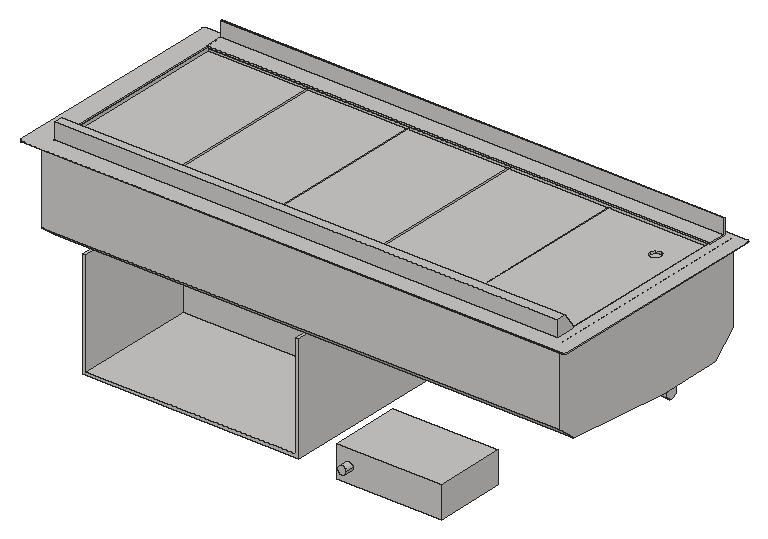
Revit family "QF_ELECTROLUXPROFESSIONAL_341049_D12C5", category Specialty Equipment, Revit 2018
Family settings
  Round Connector Dimension = Use Diameter
  Part Type = Normal
  Work Plane-Based = No
  Always vertical = Yes
  Cut with Voids When Loaded = No
  Shared = No
  Room Calculation Point = No
Parameters (values of type "341049.rfa")
  Weight = 120.90 kg
  Watts = 0 W
  Volts = 0 V
  URL Manufacturer = ""
  URL = ""
  Steam Supply Size = 0 mm
  Steam Supply Minimum Pressure = 0.0 Pa
  Steam Supply Maximum Pressure = 0.0 Pa
  Steam Pounds per Hour = 0
  Show Clearance [instance] = yes
  Remote Electrical Box_Z [instance] = 200.00 mm
  Remote Electrical Box_Y [instance] = 500.00 mm
  Remote Electrical Box_X [instance] = 1000.00 mm
  Refrigeration Suction Line Size = 0 mm
  Refrigeration Liquid Line Size = 0 mm
  Refrigerant Compressor Remote = yes
  Manufacturer = ""
  Phase = 0
  Model = ""
  Length Actual = 1770.00 mm  # constant formula
  Item Number = ""
  Hot Water Size = 0 mm
  Height Actual = 710.00 mm  # constant formula
  HP = "0 HP"
  Gas Size = 0 mm
  Gas KW = 0
  Gas Input Pressure = 0 W
  Direct Waste Size = 25.4 mm
  Description = ""
  Depth Actual = 750.00 mm  # constant formula
  Cycle = 0 Hz
  Controller_Y [instance] = 500.00 mm
  Controller_1Z [instance] = 200.00 mm
  Controller_1X [instance] = 300.00 mm
  Condensate Return Size = 0 mm
  Compressed Air Volume = 0.0 L/s
  Compressed Air Size = 0 mm
  Compressed Air Pressure = 0.0 Pa
  Cold Water Size = 0 mm
  Accessory = yes
Types (2, lengths in mm): name | Volts | URL Manufacturer | URL | Manufacturer | Phase | Model | Item Number | Description | Cycle
  341049.rfa | 0 V | "" | "" | "" | 0 | "" | "" | "" | 0 Hz
  Standard | 220 V | "http://professional.electrolux.com" | "http://professional.electrolux.com" | "Electrolux Professional" | 1 | "D12C5" | "341049" | "DROP-IN REFRIGERATED WELL, VENTILATED, 5GN" | 50 Hz
Reference planes
  plane 1 "Centro (Fronte/Retro)": y = 74.737
  plane 2: z = 0
  plane 3 "BACK": y = 449.737
  plane 4 "FRONT": y = -300.263
  plane 5 "RIGHT": x = 370.731
  plane 6 "LEFT": x = -1399.269
  plane 7: x = -514.269
  plane 8 "TOP": z = 900
  plane 9: y = 417.737
  plane 10: y = -268.263
  plane 11: x = 324.231
  plane 12: x = -1352.769
  plane 13: y = 418.957
  plane 14: y = -244.483
  plane 15: x = -1329.269
  plane 16: x = 300.731
  plane 17: z = 898
  plane 18: x = -1274.269
  plane 19: x = -574.269
  plane 20: x = -1262.269
  plane 21: x = -586.269
  plane 22: x = -1326.269
  plane 23: x = 297.731
  plane 24: y = -229.763
  plane 25: y = 404.237
  plane 26: z = 567.78
  plane 27: z = 220
  plane 28: x = -351.269
  plane 29: x = -25.269
  plane 30: x = -354.269
  plane 31: x = -348.269
  plane 32: x = -28.269
  plane 33: x = -22.269
  plane 34: x = -677.269
  plane 35: x = -680.269
  plane 36: x = -674.269
  plane 37: x = -1003.269
  plane 38: x = -1006.269
  plane 39: x = -1000.269
  plane 40 "1": y = 258.737
  plane 41: x = 217.981
  plane 42: y = -195.263
  plane 43: y = 344.737
  plane 44: x = -1099.269
  plane 45: x = -399.269
  plane 46: y = -50.263
  plane 47: y = -50.263
  plane 48: z = 200
  plane 49: z = 200
Forms (mm)
  Extrusion 1, solid, material "QF_Finishes_Stainless Steel"
    sketch origin (0, 0, 900) x (-1, 0, 0) y (0, -1, 0)
      loop
        arc (1389.269, -449.737) -> (1396.34, -446.808) -> (1399.269, -439.737) r 10
        line (1399.269, -439.737) -> (1399.269, 290.263)
        arc (1399.269, 290.263) -> (1396.34, 297.334) -> (1389.269, 300.263) r 10
        line (1389.269, 300.263) -> (-360.731, 300.263)
        arc (-360.731, 300.263) -> (-367.802, 297.334) -> (-370.731, 290.263) r 10
        line (-370.731, 290.263) -> (-370.731, -439.737)
        arc (-370.731, -439.737) -> (-367.802, -446.808) -> (-360.731, -449.737) r 10
        line (-360.731, -449.737) -> (1389.269, -449.737)
      loop
        line (1329.269, -418.957) -> (1329.269, 244.483) -> (-300.731, 244.483) -> (-300.731, -418.957) -> (1329.269, -418.957)
    from 0 to -2
  Extrusion 2, solid, material "QF_Finishes_Stainless Steel"
    sketch origin (232.311, 302.737, -30) x (0, -1, 0) y (0, 0, -1)
      loop
        line (107.587, -262) -> (-12.604, -262) -> (-12.604, -574.75) -> (107.587, -574.75) -> (107.587, -262)
    from -1494.58 to -818.58
  Extrusion 3, solid, material "QF_Finishes_Stainless Steel"
    sketch origin (231.731, 362.737, 0) x (0, -1, 0) y (0, 0, -1)
      loop
        line (625.5, -646.61) -> (569.68, -599.771) -> (204.019, -567.78) -> (-4.68, -567.78) -> (-74.5, -637.6) -> (-74.5, -898) -> (625.5, -898) -> (625.5, -646.61)
    from -1584.5 to 92.5
  Extrusion 4, solid, material "QF_Finishes_Stainless Steel"
    sketch origin (231.731, 362.737, 0) x (0, -1, 0) y (0, 0, -1)
      loop
        line (603, -950.5) -> (603, -898) -> (543, -898) -> (543, -905.079) -> (576, -950.5) -> (603, -950.5)
      loop
        line (-72, -950.5) -> (-67, -950.5) -> (-67, -903) -> (-12, -903) -> (-12, -898) -> (-72, -898) -> (-72, -950.5)
    from -1561 to 69
  Extrusion 5, void
    sketch origin (0, 0, 900) x (-1, 0, 0) y (0, -1, 0)
      loop
        line (1326.269, 180.263) -> (-297.731, 180.263) -> (-297.731, -374.737) -> (1326.269, -374.737) -> (1326.269, 180.263)
    from 0 to -15
  Extrusion 6, solid, material "QF_Finishes_Stainless Steel"
    sketch origin (0, 0, 900) x (-1, 0, 0) y (0, -1, 0)
      loop
        line (1006.269, -374.737) -> (1326.269, -374.737) -> (1326.269, 180.263) -> (1006.269, 180.263) -> (1006.269, -374.737)
    from -15 to -10
  Extrusion 7, solid, material "QF_Finishes_Stainless Steel"
    sketch origin (-1028.537, 0, 900) x (1, 0, 0) y (0, 1, 0)
      loop
        line (1006.269, 374.737) -> (1006.269, -180.263) -> (1326.269, -180.263) -> (1326.269, 374.737) -> (1006.269, 374.737)
    from -15 to -10
  Extrusion 8, solid, material "QF_Finishes_Stainless Steel"
    sketch origin (327.813, 0, 900) x (-1, 0, 0) y (0, -1, 0)
      loop
        line (356.082, -374.737) -> (676.082, -374.737) -> (676.082, 180.263) -> (356.082, 180.263) -> (356.082, -374.737)
    from -15 to -10
  Extrusion 9, solid, material "QF_Finishes_Stainless Steel"
    sketch origin (-1683.757, 0, 900) x (1, 0, 0) y (0, 1, 0)
      loop
        line (1009.489, 374.737) -> (1009.489, -180.263) -> (1329.489, -180.263) -> (1329.489, 374.737) -> (1009.489, 374.737)
    from -15 to -10
  Extrusion 10, solid, material "QF_Finishes_Stainless Steel"
    sketch origin (-2009.845, 0, 900) x (1, 0, 0) y (0, 1, 0)
      loop
        line (1009.577, 374.737) -> (1009.577, -180.263) -> (1329.577, -180.263) -> (1329.577, 374.737) -> (1009.577, 374.737)
    from -15 to -10
  Extrusion 11, void
    sketch origin (811.295, 184, 535.31) x (0, -1, 0) y (-1, 0, 0)
      loop
        circle (-74.737, 593.314) r 18
    from -32.47 to -354.69
  Sweep 12, solid, material "QF_Finishes_Stainless Steel"
    path origin (0, 258.737, 0) x (-1, 0, 0) y (0, 0, 1)
      loop
        line (-217.981, 567.78) -> (-217.981, 508) -> (-269.731, 508)
    profile origin (217.981, 258.737, 537.89) x (0, 1, 0) y (-1, 0, 0)
      loop
        circle (0, 0) r 18
  Extrusion 13, solid, material "QF_Finishes_Stainless Steel"
    sketch origin (0, 258.737, 0) x (-1, 0, 0) y (0, 0, 1)
      loop
        line (1274.269, 567.78) -> (1264.269, 567.78) -> (1264.269, 230) -> (584.269, 230) -> (584.269, 567.78) -> (574.269, 567.78) -> (574.269, 220) -> (1274.269, 220) -> (1274.269, 567.78)
    from -454 to 86
Cuts and joins
  Extrusion 5 cuts Extrusion 4
  Extrusion 5 cuts Extrusion 3
  Extrusion 11 cuts Extrusion 7
Lines and regions (mm)
  symbolic lines
    curve 1: line (360.731, 449.737, 900) -> (-1389.269, 449.737, 900)
    curve 2: arc (-1389.269, 449.737, 900) -> (-1396.34, 446.808, 900) -> (-1399.269, 439.737, 900) r 10
    curve 3: line (-1399.269, 439.737, 900) -> (-1399.269, -290.263, 900)
    curve 4: arc (-1399.269, -290.263, 900) -> (-1396.34, -297.334, 900) -> (-1389.269, -300.263, 900) r 10
    curve 5: line (-1389.269, -300.263, 900) -> (360.731, -300.263, 900)
    curve 6: arc (360.731, -300.263, 900) -> (367.802, -297.334, 900) -> (370.731, -290.263, 900) r 10
    curve 7: line (370.731, -290.263, 900) -> (370.731, 439.737, 900)
    curve 8: arc (370.731, 439.737, 900) -> (367.802, 446.808, 900) -> (360.731, 449.737, 900) r 10
    curve 9: line (-1329.269, 434.737, 900) -> (300.731, 434.737, 900)
    curve 10: line (300.731, 434.737, 900) -> (300.731, -244.483, 900)
    curve 11: line (300.731, -244.483, 900) -> (-1329.269, -244.483, 900)
    curve 12: line (-1329.269, -244.483, 900) -> (-1329.269, 434.737, 900)
    curve 13: line (300.731, 429.737, 900) -> (-1329.269, 429.737, 900)
    curve 14: line (-1329.269, 374.737, 900) -> (300.731, 374.737, 900)
    curve 15: line (300.731, -180.263, 900) -> (-1329.269, -180.263, 900)
    curve 16: line (300.731, -213.263, 900) -> (-1329.269, -213.263, 900)
    curve 17: line (-1329.269, -240.263, 900) -> (300.731, -240.263, 900)
    curve 18: line (-354.269, -180.263, 900) -> (-354.269, 374.737, 900)
    curve 19: line (-348.269, 374.737, 900) -> (-348.269, -180.263, 900)
    curve 20: line (-1326.269, 374.737, 900) -> (-1326.269, -180.263, 900)
    curve 21: line (297.731, -180.263, 900) -> (297.731, 374.737, 900)
    curve 22: line (-28.269, -180.263, 900) -> (-28.269, 374.737, 900)
    curve 23: line (-22.269, 374.737, 900) -> (-22.269, -180.263, 900)
    curve 24: line (-1006.269, -180.263, 900) -> (-1006.269, 374.737, 900)
    curve 25: line (-1000.269, 374.737, 900) -> (-1000.269, -180.263, 900)
    curve 26: line (-680.269, -180.263, 900) -> (-680.269, 374.737, 900)
    curve 27: line (-674.269, 374.737, 900) -> (-674.269, -180.263, 900)
    curve 36: arc (235.981, 258.737, 900) -> (217.981, 240.737, 900) -> (199.981, 258.737, 900) r 18
    curve 37: arc (199.981, 258.737, 900) -> (217.981, 276.737, 900) -> (235.981, 258.737, 900) r 18
  symbolic lines, style "SpecialityEquipmentHiddenLines"
    curve 28: line (-1274.269, 344.737, 900) -> (-574.269, 344.737, 900)
    curve 29: line (-1274.269, -195.263, 900) -> (-1274.269, 344.737, 900)
    curve 30: line (-574.269, -195.263, 900) -> (-1274.269, -195.263, 900)
    curve 31: line (-574.269, 344.737, 900) -> (-574.269, -195.263, 900)
    curve 32: line (324.231, 437.237, 900) -> (-1352.769, 437.237, 900)
    curve 33: line (-1352.769, 437.237, 900) -> (-1352.769, -262.763, 900)
    curve 34: line (-1352.769, -262.763, 900) -> (324.231, -262.763, 900)
    curve 35: line (324.231, -262.763, 900) -> (324.231, 437.237, 900)
Dimensions and locks
  plane 6 "LEFT" to plane 5 "RIGHT" = 1770.00 mm
  equal spacing: plane 3 "BACK", plane 1 "Centro (Fronte/Retro)", plane 4 "FRONT"
  plane 3 "BACK" to plane 4 "FRONT" = 750.00 mm
  plane 6 "LEFT" to plane 7 to plane 5 "RIGHT" = 885.00 mm, 885.00 mm
  locked: plane 8 "TOP" to plane 2 at 900
  locked: plane 6 "LEFT" to plane 12 at 46.5
  locked: plane 11 to plane 5 "RIGHT" at 46.5
  locked: plane 3 "BACK" to plane 9 at 32
  locked: plane 10 to plane 4 "FRONT" at 32
  locked: plane 3 "BACK" to plane 13 at 30.78
  locked: plane 14 to plane 4 "FRONT" at 55.78
  plane 6 "LEFT" to plane 15 = 70.00 mm
  plane 16 to plane 5 "RIGHT" = 70.00 mm
  locked: plane 8 "TOP" to plane 17 at 2
  plane 19 to plane 18 = 700.00 mm
  locked: plane 20 to plane 18 at 12
  locked: plane 19 to plane 21 at 12
  locked: plane 15 to plane 22 at 3
  locked: plane 23 to plane 16 at 3
  plane 8 "TOP" to plane 26 = 332.22 mm
  plane 8 "TOP" to plane 27 = 680.00 mm
  equal spacing: plane 15, plane 37, plane 34, plane 28, plane 29, plane 16
  plane 35 to plane 34 to plane 36 = 3.00 mm locked, 3.00 mm locked
  plane 30 to plane 28 to plane 31 = 3.00 mm locked, 3.00 mm locked
  plane 32 to plane 29 to plane 33 = 3.00 mm locked, 3.00 mm locked
  plane 38 to plane 37 to plane 39 = 3.00 mm locked, 3.00 mm locked
  plane 18 to plane 6 "LEFT" = 125.00 mm
  plane 15 to plane 16 = 1630.00 mm
  plane 26 to plane 27 = 347.78 mm
  equal spacing: plane 42, plane 1 "Centro (Fronte/Retro)", plane 43
  plane 42 to plane 43 = 540.00 mm
  "Controller_Y": plane 3 "BACK" to plane 47
  "Remote Electrical Box_Y": plane 3 "BACK" to plane 46
  "Controller_1X": plane 6 "LEFT" to plane 44
  "Remote Electrical Box_X": plane 6 "LEFT" to plane 45
  "Controller_1Z": plane 48 to plane 2
  "Remote Electrical Box_Z": plane 49 to plane 2
  aligned and locked: level to plane 2
  aligned and locked: Extrusion 1 sketch curve to plane 3 "BACK"
  aligned and locked: plane 6 "LEFT" to Extrusion 1 sketch curve
  aligned and locked: plane 4 "FRONT" to Extrusion 1 sketch curve
  aligned and locked: Extrusion 1 sketch curve to plane 5 "RIGHT"
  aligned and locked: Extrusion 1 sketch curve to plane 13
  aligned and locked: plane 15 to Extrusion 1 sketch curve
  aligned and locked: Extrusion 1 sketch curve to plane 14
  aligned and locked: Extrusion 1 sketch curve to plane 16
  aligned and locked: Extrusion 1 to plane 17
  aligned and locked: Extrusion 2 to plane 20
  aligned and locked: Extrusion 2 to plane 21
  aligned and locked: Extrusion 1 to Extrusion 3 sketch curve
  aligned and locked: plane 11 to Extrusion 3
  aligned and locked: Extrusion 4 to Extrusion 1  (x2)
  aligned and locked: Extrusion 5 sketch curve to cut or joined group of Extrusion 4, Extrusion 5  (x2)
  aligned and locked: Extrusion 5 sketch curve to plane 22
  aligned and locked: plane 23 to Extrusion 5 sketch curve
  aligned and locked: Extrusion 6 sketch curve to cut or joined group of Extrusion 4, Extrusion 5
  aligned and locked: Extrusion 6 sketch curve to cut or joined group of Extrusion 3, Extrusion 5  (x2)
  aligned and locked: Extrusion 1 to Extrusion 4  (x2)
  aligned and locked: plane 26 to cut or joined group of Extrusion 3, Extrusion 5
  aligned and locked: Extrusion 7 to plane 33
  aligned and locked: Extrusion 8 to plane 32
  aligned and locked: Extrusion 8 to plane 31
  aligned and locked: Extrusion 9 to plane 36
  aligned and locked: Extrusion 9 to plane 30
  aligned and locked: Extrusion 6 to plane 38
  aligned and locked: Extrusion 10 to plane 35
  aligned and locked: Extrusion 10 to plane 39
  aligned and locked: Extrusion 13 to plane 42
  aligned and locked: plane 43 to Extrusion 13
  aligned and locked: plane 44 to nested 1
  aligned and locked: plane 45 to nested 2
  aligned and locked: plane 46 to nested 2
  aligned and locked: plane 47 to nested 1
  aligned and locked: plane 49 to nested 2
  aligned and locked: nested 1 to plane 48
Automatic sketch dimensions
  Extrusion 1 sketch curve to plane 5 "RIGHT" = 10.00 mm
  Extrusion 1 sketch curve to plane 3 "BACK" = 10.00 mm  (x2)
  plane 4 "FRONT" to Extrusion 1 sketch curve = 10.00 mm
  plane 27 to Extrusion 2 sketch curve = 12.00 mm
  plane 25 to Extrusion 2 sketch curve = 88.896 mm
  Extrusion 2 sketch curve to plane 40 "1" = 63.587 mm
  Extrusion 2 sketch curve to plane 26 = 23.03 mm
  Extrusion 3 sketch curve to plane 26 = 0.00 mm
  Extrusion 3 sketch curve to plane 3 "BACK" = 12.50 mm
  plane 25 to Extrusion 3 sketch curve = 36.82 mm
  Extrusion 3 sketch curve to plane 1 "Centro (Fronte/Retro)" = 83.981 mm
  plane 24 to Extrusion 3 sketch curve = 22.82 mm
  plane 10 to Extrusion 3 sketch curve = 5.50 mm
  plane 26 to Extrusion 3 sketch curve = 78.83 mm
  plane 26 to Extrusion 3 sketch curve = 69.82 mm
  plane 26 to Extrusion 3 sketch curve = 31.991 mm
  Extrusion 4 sketch curve to plane 17 = 0.00 mm  (x2)
  Extrusion 4 sketch curve to plane 3 "BACK" = 15.00 mm
  plane 8 "TOP" to Extrusion 4 sketch curve = 3.00 mm
  Extrusion 4 sketch curve to Extrusion 4 sketch curve = 5.00 mm
  plane 25 to Extrusion 4 sketch curve = 29.50 mm
  plane 8 "TOP" to Extrusion 4 sketch curve = 5.079 mm
  plane 24 to Extrusion 4 sketch curve = 49.50 mm
  plane 24 to Extrusion 4 sketch curve = 16.50 mm
  plane 14 to Extrusion 4 sketch curve = 4.22 mm
  Extrusion 4 sketch curve to Extrusion 4 sketch curve = 47.50 mm
  plane 8 "TOP" to Extrusion 4 sketch curve = 50.50 mm
  Extrusion 6 sketch curve to plane 38 = 0.00 mm
  Extrusion 7 sketch curve to plane 33 = 0.00 mm
  Extrusion 7 sketch curve to plane 23 = 0.00 mm
  Extrusion 7 sketch curve to plane 25 = 29.50 mm
  Extrusion 7 sketch curve to plane 24 = 49.50 mm
  Extrusion 8 sketch curve to plane 32 = 0.00 mm
  Extrusion 8 sketch curve to plane 31 = 0.00 mm
  plane 25 to Extrusion 8 sketch curve = 29.50 mm
  plane 24 to Extrusion 8 sketch curve = 49.50 mm
  Extrusion 9 sketch curve to plane 36 = 0.00 mm
  Extrusion 9 sketch curve to plane 30 = 0.00 mm
  Extrusion 9 sketch curve to plane 25 = 29.50 mm
  Extrusion 9 sketch curve to plane 24 = 49.50 mm
  Extrusion 10 sketch curve to plane 39 = 0.00 mm
  Extrusion 10 sketch curve to plane 35 = 0.00 mm
  Extrusion 10 sketch curve to plane 25 = 29.50 mm
  Extrusion 10 sketch curve to plane 24 = 49.50 mm
  Extrusion 11 sketch curve to Extrusion 11 sketch curve = 0.00 mm  (x2)
  Extrusion 11 sketch curve to plane 40 "1" = 0.00 mm
  Extrusion 11 sketch curve to plane 41 = 0.00 mm
  Extrusion 11 sketch curve to Extrusion 11 sketch curve = 18.00 mm
  plane 41 to Sweep 12 sketch curve = 0.00 mm
  Sweep 12 sketch curve to plane 26 = 0.00 mm
  Sweep 12 sketch curve to plane 26 = 59.78 mm
  Sweep 12 sketch curve to plane 23 = 28.00 mm
  Sweep 12 sketch curve to Sweep 12 sketch curve = 0.00 mm  (x2)
  Sweep 12 sketch curve to plane 40 "1" = 0.00 mm
  Sweep 12 sketch curve to profile plane = 0.00 mm
  Sweep 12 sketch curve to Sweep 12 sketch curve = 18.00 mm
  Extrusion 13 sketch curve to plane 19 = 0.00 mm
  Extrusion 13 sketch curve to plane 26 = 0.00 mm  (x2)
  Extrusion 13 sketch curve to plane 18 = 0.00 mm
  Extrusion 13 sketch curve to plane 27 = 0.00 mm
  plane 21 to Extrusion 13 sketch curve = 2.00 mm
  Extrusion 13 sketch curve to plane 20 = 2.00 mm
  plane 27 to Extrusion 13 sketch curve = 10.00 mm
  curve 7 to plane 5 "RIGHT" = 0.00 mm
  curve 8 to plane 3 "BACK" = 0.00 mm
  curve 6 to plane 4 "FRONT" = 0.00 mm
  curve 35 to plane 11 = 0.00 mm
  plane 14 to curve 11 = 0.00 mm
  curve 11 to plane 16 = 0.00 mm
  curve 21 to plane 23 = 0.00 mm
  curve 23 to plane 33 = 0.00 mm
  curve 22 to plane 32 = 0.00 mm
  curve 19 to plane 31 = 0.00 mm
  curve 18 to plane 30 = 0.00 mm
  curve 28 to plane 19 = 0.00 mm
  curve 27 to plane 36 = 0.00 mm
  curve 26 to plane 35 = 0.00 mm
  curve 25 to plane 39 = 0.00 mm
  curve 24 to plane 38 = 0.00 mm
  curve 29 to plane 18 = 0.00 mm
  curve 20 to plane 22 = 0.00 mm
  curve 16 to plane 15 = 0.00 mm
  curve 33 to plane 12 = 0.00 mm
  curve 4 to plane 6 "LEFT" = 0.00 mm
  curve 28 to plane 43 = 0.00 mm
  curve 30 to plane 42 = 0.00 mm
  curve 7 to curve 8 = 10.00 mm
  plane 4 "FRONT" to curve 6 = 10.00 mm
  plane 6 "LEFT" to curve 1 = 10.00 mm
  plane 4 "FRONT" to curve 4 = 10.00 mm
  curve 33 to plane 3 "BACK" = 12.50 mm
  curve 10 to plane 3 "BACK" = 15.00 mm
  plane 10 to curve 34 = 5.50 mm
  curve 9 to curve 13 = 5.00 mm
  plane 25 to curve 20 = 29.50 mm
  plane 42 to curve 18 = 15.00 mm
  plane 24 to curve 16 = 16.50 mm
  curve 17 to curve 11 = 4.22 mm
  curve 36 to curve 37 = 0.00 mm  (x2)
  curve 37 to plane 40 "1" = 0.00 mm
  curve 37 to plane 41 = 0.00 mm
  curve 37 to curve 36 = 18.00 mm
Nested families
  nested 1: "Controller" at (-1099.269, -50.263, 200), type "Controller"
  nested 2: "Remote_Electrical_Box" at (-399.269, 64.737, 100), type "Remote_Electrical_Box"
  nested 3: "Refrigerator" at (190.731, -110.263, 900), type "Refrigerator"
Connectors
  piping at (269.731, 258.737, 508), diameter 36
    settings: on Sweep 12, index 1, connector inside diameter 609.6 mm, connector length 0.00 mm, flow factor 0, pipe flow 0.0 L/s, pressure drop 0.0 Pa, fitting loss kfactor 0, connector angle 0.00°, fixture units 0, engagement length 0.00 mm, angle of deflection 0.00°, flow configuration 1, flow direction 1, fitting loss method 0, system type 16, joint type 0, gender type 0, connector reference index -1, connector utility 0, adjustable connector no, is connector primary yes, connector description "Drain"
  electrical at (-529.269, -77.263, 149.381)
    settings: on nested 2, index 2, voltage 0 V, apparent load 0 VA, apparent load phase1 0 VA, apparent load phase2 0 VA, apparent load phase3 0 VA, power factor 1, load classification "Altro", number of poles 1, system type 14, power factor state 1, is connector primary yes, connector utility no, sub classification motor no, connector description ""
Definition of nested family "Controller"
  Reference planes
    plane 1 "Center (Front/Back)": y = 0
    plane 2: z = 0
    plane 3 "Center (Left/Right)": x = 0
  Forms (mm)
    Extrusion 1, solid
      sketch origin (0, 44.769, -48.2) x (1, 0, 0) y (0, 1, 0)
        loop
          line (-76, 43.231) -> (-76, -47.65) -> (76, -47.65) -> (76, 43.231) -> (-76, 43.231)
      from 6.2 to 48.2
    Extrusion 2, solid
      sketch origin (0, 44.769, -48.2) x (1, 0, 0) y (0, 0, 1)
        loop
          line (-92.25, 54.4) -> (-92.25, 0) -> (92.25, 0) -> (92.25, 54.4) -> (-92.25, 54.4)
        loop
          line (-76, 48.2) -> (-76, 6.2) -> (76, 6.2) -> (76, 48.2) -> (-76, 48.2)
      from 44.769 to 47.65
    Extrusion 3, solid
      sketch origin (76, -2.881, -48.2) x (-1, 0, 0) y (0, 0, -1)
        loop
          line (106, -37.2) -> (126, -37.2) -> (126, -17.2) -> (106, -17.2) -> (106, -37.2)
        loop
          line (66, -37.2) -> (86, -37.2) -> (86, -17.2) -> (66, -17.2) -> (66, -37.2)
        loop
          line (26, -37.2) -> (46, -37.2) -> (46, -17.2) -> (26, -17.2) -> (26, -37.2)
      from 0 to 2
    Extrusion 4, void
      sketch origin (0, 0, 0) x (1, 0, 0) y (0, 1, 0)
        loop
          line (76, 88) -> (-76, 88) -> (-76, 0) -> (76, 0) -> (76, 88)
      from 0 to -42
  Cuts and joins
    Extrusion 4 cuts Extrusion 2
    joined: Extrusion 1, Extrusion 2
  Lines and regions (mm)
    symbolic lines
      curve 1: line (-76, 88, 0) -> (-76, 0, 0)
      curve 2: line (76, 88, 0) -> (-76, 88, 0)
      curve 3: line (76, 0, 0) -> (76, 88, 0)
      curve 4: line (-92.25, -2.881, 0) -> (92.25, -2.881, 0)
      curve 5: line (-92.25, 0, 0) -> (-92.25, -2.881, 0)
      curve 6: line (92.25, 0, 0) -> (-92.25, 0, 0)
      curve 7: line (92.25, -2.881, 0) -> (92.25, 0, 0)
  Dimensions and locks
    aligned and locked: level to plane 2
Definition of nested family "Remote_Electrical_Box"
  Parameters (values of type "Remote_Electrical_Box")
    Default Elevation = 1219.20 mm
  Reference planes
    plane 1 "Center (Front/Back)": y = 0
    plane 2: z = 0
    plane 3 "Center (Left/Right)": x = 0
    plane 4: x = -170
    plane 5: x = 170
    plane 6: y = 115
    plane 7: y = -115
    plane 8: z = 100
    plane 9: z = 50
  Forms (mm)
    Extrusion 1, solid
      sketch origin (0, 0, 0) x (1, 0, 0) y (0, 1, 0)
        loop
          line (-170, 115) -> (-170, -115) -> (170, -115) -> (170, 115) -> (-170, 115)
      from 0 to 100
    Extrusion 2, solid
      sketch origin (0, 0, 0) x (1, 0, 0) y (0, 0, 1)
        loop
          circle (-130, 49.381) r 13
      from 115 to 142
  Lines and regions (mm)
    symbolic lines
      curve 1: line (-170, 115, 0) -> (170, 115, 0)
      curve 2: line (-170, -115, 0) -> (-170, 115, 0)
      curve 3: line (170, -115, 0) -> (-170, -115, 0)
      curve 4: line (170, 115, 0) -> (170, -115, 0)
      curve 5: line (-143, -142, 0) -> (-117, -142, 0)
      curve 6: line (-143, -142, 0) -> (-143, -115, 0)
      curve 7: line (-117, -142, 0) -> (-117, -115, 0)
  Dimensions and locks
    equal spacing: plane 4, plane 3 "Center (Left/Right)", plane 5
    equal spacing: plane 6, plane 1 "Center (Front/Back)", plane 7
    plane 4 to plane 5 = 340.00 mm
    plane 6 to plane 7 = 230.00 mm
    Extrusion 1 to Extrusion 2 sketch curve = 40.00 mm
    equal spacing: plane 8, plane 9, plane 2
    aligned and locked: level to plane 2
    aligned and locked: Extrusion 1 sketch curve to plane 6
    aligned and locked: plane 4 to Extrusion 1 sketch curve
    aligned and locked: plane 7 to Extrusion 1 sketch curve
    aligned and locked: Extrusion 1 sketch curve to plane 5
    aligned and locked: plane 7 to Extrusion 2
    aligned and locked: plane 8 to Extrusion 1
  Automatic sketch dimensions
    level to Extrusion 2 sketch curve = 49.381 mm
    curve 3 to plane 4 = 0.00 mm
    curve 7 to plane 7 = 0.00 mm
    curve 3 to plane 5 = 0.00 mm
    curve 2 to plane 6 = 0.00 mm
    plane 4 to curve 6 = 27.00 mm
    curve 5 to curve 6 = 27.00 mm
    curve 6 to curve 7 = 26.00 mm
    radius of Extrusion 2 sketch curve = 13.00 mm
Definition of nested family "Refrigerator"
  Reference planes
    plane 1 "Center (Front/Back)": y = 0
    plane 2: z = 0
    plane 3 "Center (Left/Right)": x = 0
  Lines and regions (mm)
    detail lines, in view "Ref. Level"
      curve 1: line (0, -60, 0) -> (0, 60, 0)
      curve 2: line (-51.962, 30, 0) -> (51.962, -30, 0)
      curve 3: line (-51.962, -30, 0) -> (51.962, 30, 0)
      curve 4: line (19.116, 56.873, 0) -> (0, 35, 0)
      curve 5: line (0, 35, 0) -> (-19.116, 56.873, 0)
      curve 6: line (-30.311, 17.5, 0) -> (-40, 45.883, 0)
      curve 7: line (-59.736, 11.7, 0) -> (-30.311, 17.5, 0)
      curve 8: line (-30.311, -17.5, 0) -> (-59.736, -11.7, 0)
      curve 9: line (-40, -45.883, 0) -> (-30.311, -17.5, 0)
      curve 10: line (0, -35, 0) -> (-19.116, -56.873, 0)
      curve 11: line (19.116, -56.873, 0) -> (0, -35, 0)
      curve 12: line (30.311, -17.5, 0) -> (39.696, -44.992, 0)
      curve 13: line (58.812, -11.882, 0) -> (30.311, -17.5, 0)
      curve 14: line (30.311, 17.5, 0) -> (58.812, 11.882, 0)
      curve 15: line (39.696, 44.992, 0) -> (30.311, 17.5, 0)
